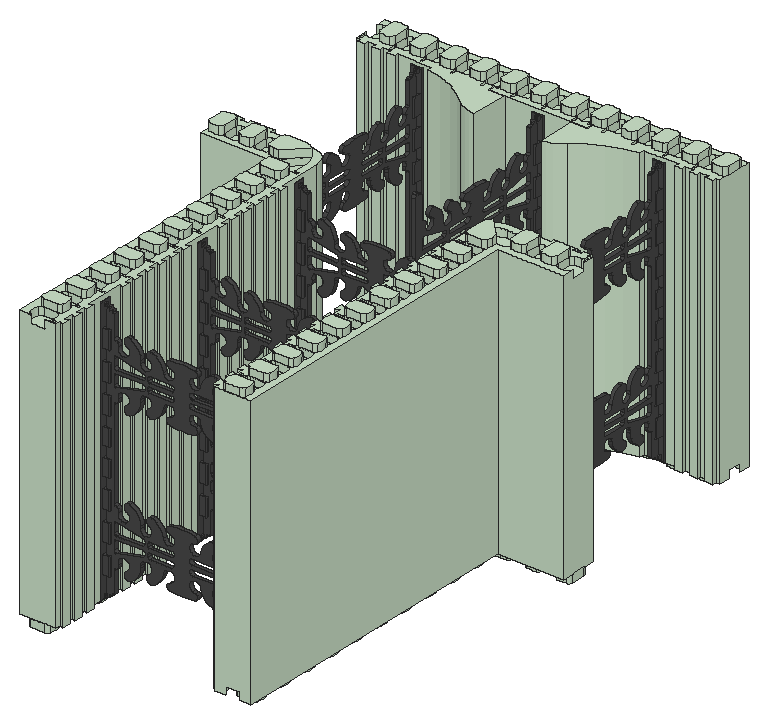
Revit family "ICF- NUDURA 10-inch- Long T Form Unit- Imperial", category Generic Models, Revit 2010 (continued)
Definition of nested family "NUDURA Diamond Pattern"
  Lines and regions (in)
    model lines
      curve 29: line (3.44206, -5.625, 15.57322) -> (3.81706, -5.625, 15.19822)
      curve 30: arc (3.81706, -5.625, 15.19822) -> (3.99384, -5.625, 15.125) -> (4.17062, -5.625, 15.19822) r 0.25
      curve 31: line (4.17062, -5.625, 15.19822) -> (4.54562, -5.625, 15.57322)
      curve 32: arc (4.54562, -5.625, 15.57322) -> (4.61884, -5.625, 15.75) -> (4.54562, -5.625, 15.92678) r 0.25
      curve 33: line (4.54562, -5.625, 15.92678) -> (4.17062, -5.625, 16.30178)
      curve 34: arc (3.69709, -5.625, 14.85858) -> (3.75567, -5.625, 15) -> (3.69709, -5.625, 15.14142) r 0.2
      curve 35: line (4.634, -5.625, 14.51517) -> (4.29059, -5.625, 14.85858)
      curve 36: arc (4.634, -5.625, 13.98484) -> (4.74384, -5.625, 14.25) -> (4.634, -5.625, 14.51517) r 0.375
      curve 37: line (4.29059, -5.625, 13.64142) -> (4.634, -5.625, 13.98484)
      curve 38: line (3.35367, -5.625, 13.98484) -> (3.69709, -5.625, 13.64142)
      curve 39: arc (3.35367, -5.625, 14.51517) -> (3.24384, -5.625, 14.25) -> (3.35367, -5.625, 13.98484) r 0.375
      curve 40: line (3.69709, -5.625, 14.85858) -> (3.35367, -5.625, 14.51517)
      curve 41: arc (4.17062, -5.625, 14.80178) -> (3.99384, -5.625, 14.875) -> (3.81706, -5.625, 14.80178) r 0.25
      curve 42: line (3.81706, -5.625, 14.80178) -> (3.44206, -5.625, 14.42678)
      curve 43: arc (3.44206, -5.625, 14.42678) -> (3.36884, -5.625, 14.25) -> (3.44206, -5.625, 14.07322) r 0.25
      curve 44: line (3.44206, -5.625, 14.07322) -> (3.81706, -5.625, 13.69822)
      curve 45: arc (3.81706, -5.625, 13.69822) -> (3.99384, -5.625, 13.625) -> (4.17062, -5.625, 13.69822) r 0.25
      curve 46: line (4.17062, -5.625, 13.69822) -> (4.54562, -5.625, 14.07322)
      curve 47: arc (4.54562, -5.625, 14.07322) -> (4.61884, -5.625, 14.25) -> (4.54562, -5.625, 14.42678) r 0.25
      curve 48: line (4.54562, -5.625, 14.42678) -> (4.17062, -5.625, 14.80178)
      curve 49: arc (3.69709, -5.625, 13.35858) -> (3.75567, -5.625, 13.5) -> (3.69709, -5.625, 13.64142) r 0.2
      curve 50: line (4.634, -5.625, 13.01517) -> (4.29059, -5.625, 13.35858)
      curve 51: arc (4.634, -5.625, 12.48484) -> (4.74384, -5.625, 12.75) -> (4.634, -5.625, 13.01517) r 0.375
      curve 52: line (4.29059, -5.625, 12.14142) -> (4.634, -5.625, 12.48484)
      curve 53: line (3.35367, -5.625, 12.48484) -> (3.69709, -5.625, 12.14142)
      curve 54: arc (3.35367, -5.625, 13.01517) -> (3.24384, -5.625, 12.75) -> (3.35367, -5.625, 12.48484) r 0.375
      curve 55: line (3.69709, -5.625, 13.35858) -> (3.35367, -5.625, 13.01517)
      curve 56: arc (4.17062, -5.625, 13.30178) -> (3.99384, -5.625, 13.375) -> (3.81706, -5.625, 13.30178) r 0.25
      curve 57: line (3.81706, -5.625, 13.30178) -> (3.44206, -5.625, 12.92678)
      curve 58: arc (3.44206, -5.625, 12.92678) -> (3.36884, -5.625, 12.75) -> (3.44206, -5.625, 12.57322) r 0.25
      curve 59: line (3.44206, -5.625, 12.57322) -> (3.81706, -5.625, 12.19822)
      curve 60: arc (3.81706, -5.625, 12.19822) -> (3.99384, -5.625, 12.125) -> (4.17062, -5.625, 12.19822) r 0.25
      curve 61: line (4.17062, -5.625, 12.19822) -> (4.54562, -5.625, 12.57322)
      curve 62: arc (4.54562, -5.625, 12.57322) -> (4.61884, -5.625, 12.75) -> (4.54562, -5.625, 12.92678) r 0.25
      curve 63: line (4.54562, -5.625, 12.92678) -> (4.17062, -5.625, 13.30178)
      curve 64: arc (3.69709, -5.625, 11.85858) -> (3.75567, -5.625, 12) -> (3.69709, -5.625, 12.14142) r 0.2
      curve 65: line (4.634, -5.625, 11.51517) -> (4.29059, -5.625, 11.85858)
      curve 66: arc (4.634, -5.625, 10.98484) -> (4.74384, -5.625, 11.25) -> (4.634, -5.625, 11.51517) r 0.375
      curve 67: line (4.29059, -5.625, 10.64142) -> (4.634, -5.625, 10.98484)
      curve 68: line (3.35367, -5.625, 10.98484) -> (3.69709, -5.625, 10.64142)
      curve 69: arc (3.35367, -5.625, 11.51517) -> (3.24384, -5.625, 11.25) -> (3.35367, -5.625, 10.98484) r 0.375
      curve 70: line (3.69709, -5.625, 11.85858) -> (3.35367, -5.625, 11.51517)
      curve 71: arc (4.17062, -5.625, 11.80178) -> (3.99384, -5.625, 11.875) -> (3.81706, -5.625, 11.80178) r 0.25
      curve 72: line (3.81706, -5.625, 11.80178) -> (3.44206, -5.625, 11.42678)
      curve 73: arc (3.44206, -5.625, 11.42678) -> (3.36884, -5.625, 11.25) -> (3.44206, -5.625, 11.07322) r 0.25
      curve 74: line (3.44206, -5.625, 11.07322) -> (3.81706, -5.625, 10.69822)
      curve 75: arc (3.81706, -5.625, 10.69822) -> (3.99384, -5.625, 10.625) -> (4.17062, -5.625, 10.69822) r 0.25
      curve 76: line (4.17062, -5.625, 10.69822) -> (4.54562, -5.625, 11.07322)
      curve 77: arc (4.54562, -5.625, 11.07322) -> (4.61884, -5.625, 11.25) -> (4.54562, -5.625, 11.42678) r 0.25
      curve 78: line (4.54562, -5.625, 11.42678) -> (4.17062, -5.625, 11.80178)
      curve 79: arc (3.69709, -5.625, 10.35858) -> (3.75567, -5.625, 10.5) -> (3.69709, -5.625, 10.64142) r 0.2
      curve 80: line (4.634, -5.625, 10.01517) -> (4.29059, -5.625, 10.35858)
      curve 81: arc (4.634, -5.625, 9.48484) -> (4.74384, -5.625, 9.75) -> (4.634, -5.625, 10.01517) r 0.375
      curve 82: line (4.29059, -5.625, 9.14142) -> (4.634, -5.625, 9.48484)
      curve 83: line (3.35367, -5.625, 9.48484) -> (3.69709, -5.625, 9.14142)
      curve 84: arc (3.35367, -5.625, 10.01517) -> (3.24384, -5.625, 9.75) -> (3.35367, -5.625, 9.48484) r 0.375
      curve 85: line (3.69709, -5.625, 10.35858) -> (3.35367, -5.625, 10.01517)
      curve 86: arc (4.17062, -5.625, 10.30178) -> (3.99384, -5.625, 10.375) -> (3.81706, -5.625, 10.30178) r 0.25
      curve 87: line (3.81706, -5.625, 10.30178) -> (3.44206, -5.625, 9.92678)
      curve 88: arc (3.44206, -5.625, 9.92678) -> (3.36884, -5.625, 9.75) -> (3.44206, -5.625, 9.57322) r 0.25
      curve 89: line (3.44206, -5.625, 9.57322) -> (3.81706, -5.625, 9.19822)
      curve 90: arc (3.81706, -5.625, 9.19822) -> (3.99384, -5.625, 9.125) -> (4.17062, -5.625, 9.19822) r 0.25
      curve 91: line (4.17062, -5.625, 9.19822) -> (4.54562, -5.625, 9.57322)
      curve 92: arc (4.54562, -5.625, 9.57322) -> (4.61884, -5.625, 9.75) -> (4.54562, -5.625, 9.92678) r 0.25
      curve 93: line (4.54562, -5.625, 9.92678) -> (4.17062, -5.625, 10.30178)
      curve 94: arc (3.69709, -5.625, 8.85858) -> (3.75567, -5.625, 9) -> (3.69709, -5.625, 9.14142) r 0.2
      curve 95: line (4.634, -5.625, 8.51517) -> (4.29059, -5.625, 8.85858)
      curve 96: arc (4.634, -5.625, 7.98484) -> (4.74384, -5.625, 8.25) -> (4.634, -5.625, 8.51517) r 0.375
      curve 97: line (4.29059, -5.625, 7.64142) -> (4.634, -5.625, 7.98484)
      curve 98: line (3.35367, -5.625, 7.98484) -> (3.69709, -5.625, 7.64142)
      curve 99: arc (3.35367, -5.625, 8.51517) -> (3.24384, -5.625, 8.25) -> (3.35367, -5.625, 7.98484) r 0.375
      curve 100: line (3.69709, -5.625, 8.85858) -> (3.35367, -5.625, 8.51517)
      curve 101: arc (4.17062, -5.625, 8.80178) -> (3.99384, -5.625, 8.875) -> (3.81706, -5.625, 8.80178) r 0.25
      curve 102: line (3.81706, -5.625, 8.80178) -> (3.44206, -5.625, 8.42678)
      curve 103: arc (3.44206, -5.625, 8.42678) -> (3.36884, -5.625, 8.25) -> (3.44206, -5.625, 8.07322) r 0.25
      curve 104: line (3.44206, -5.625, 8.07322) -> (3.81706, -5.625, 7.69822)
      curve 105: arc (3.81706, -5.625, 7.69822) -> (3.99384, -5.625, 7.625) -> (4.17062, -5.625, 7.69822) r 0.25
      curve 106: line (4.17062, -5.625, 7.69822) -> (4.54562, -5.625, 8.07322)
      curve 107: arc (4.54562, -5.625, 8.07322) -> (4.61884, -5.625, 8.25) -> (4.54562, -5.625, 8.42678) r 0.25
      curve 108: line (4.54562, -5.625, 8.42678) -> (4.17062, -5.625, 8.80178)
      curve 109: arc (3.69709, -5.625, 7.35858) -> (3.75567, -5.625, 7.5) -> (3.69709, -5.625, 7.64142) r 0.2
      curve 110: line (4.634, -5.625, 7.01517) -> (4.29059, -5.625, 7.35858)
      curve 111: arc (4.634, -5.625, 6.48484) -> (4.74384, -5.625, 6.75) -> (4.634, -5.625, 7.01517) r 0.375
      curve 112: line (4.29059, -5.625, 6.14142) -> (4.634, -5.625, 6.48484)
      curve 113: line (3.35367, -5.625, 6.48484) -> (3.69709, -5.625, 6.14142)
      curve 114: arc (3.35367, -5.625, 7.01517) -> (3.24384, -5.625, 6.75) -> (3.35367, -5.625, 6.48484) r 0.375
      curve 115: line (3.69709, -5.625, 7.35858) -> (3.35367, -5.625, 7.01517)
      curve 116: arc (4.17062, -5.625, 7.30178) -> (3.99384, -5.625, 7.375) -> (3.81706, -5.625, 7.30178) r 0.25
      curve 117: line (3.81706, -5.625, 7.30178) -> (3.44206, -5.625, 6.92678)
      curve 118: arc (3.44206, -5.625, 6.92678) -> (3.36884, -5.625, 6.75) -> (3.44206, -5.625, 6.57322) r 0.25
      curve 119: line (3.44206, -5.625, 6.57322) -> (3.81706, -5.625, 6.19822)
      curve 120: arc (3.81706, -5.625, 6.19822) -> (3.99384, -5.625, 6.125) -> (4.17062, -5.625, 6.19822) r 0.25
      curve 121: line (4.17062, -5.625, 6.19822) -> (4.54562, -5.625, 6.57322)
      curve 122: arc (4.54562, -5.625, 6.57322) -> (4.61884, -5.625, 6.75) -> (4.54562, -5.625, 6.92678) r 0.25
      curve 123: line (4.54562, -5.625, 6.92678) -> (4.17062, -5.625, 7.30178)
      curve 124: arc (3.69709, -5.625, 5.85858) -> (3.75567, -5.625, 6) -> (3.69709, -5.625, 6.14142) r 0.2
      curve 125: line (4.634, -5.625, 5.51517) -> (4.29059, -5.625, 5.85858)
      curve 126: arc (4.634, -5.625, 4.98484) -> (4.74384, -5.625, 5.25) -> (4.634, -5.625, 5.51517) r 0.375
      curve 127: line (4.29059, -5.625, 4.64142) -> (4.634, -5.625, 4.98484)
      curve 128: line (3.35367, -5.625, 4.98484) -> (3.69709, -5.625, 4.64142)
      curve 129: arc (3.35367, -5.625, 5.51517) -> (3.24384, -5.625, 5.25) -> (3.35367, -5.625, 4.98484) r 0.375
      curve 130: line (3.69709, -5.625, 5.85858) -> (3.35367, -5.625, 5.51517)
      curve 131: arc (4.17062, -5.625, 5.80178) -> (3.99384, -5.625, 5.875) -> (3.81706, -5.625, 5.80178) r 0.25
      curve 132: line (3.81706, -5.625, 5.80178) -> (3.44206, -5.625, 5.42678)
      curve 133: arc (3.44206, -5.625, 5.42678) -> (3.36884, -5.625, 5.25) -> (3.44206, -5.625, 5.07322) r 0.25
      curve 134: line (3.44206, -5.625, 5.07322) -> (3.81706, -5.625, 4.69822)
      curve 135: arc (3.81706, -5.625, 4.69822) -> (3.99384, -5.625, 4.625) -> (4.17062, -5.625, 4.69822) r 0.25
      curve 136: line (4.17062, -5.625, 4.69822) -> (4.54562, -5.625, 5.07322)
      curve 137: arc (4.54562, -5.625, 5.07322) -> (4.61884, -5.625, 5.25) -> (4.54562, -5.625, 5.42678) r 0.25
      curve 138: line (4.54562, -5.625, 5.42678) -> (4.17062, -5.625, 5.80178)
      curve 139: arc (3.69709, -5.625, 4.35858) -> (3.75567, -5.625, 4.5) -> (3.69709, -5.625, 4.64142) r 0.2
      curve 140: line (4.634, -5.625, 4.01517) -> (4.29059, -5.625, 4.35858)
      curve 141: arc (4.634, -5.625, 3.48484) -> (4.74384, -5.625, 3.75) -> (4.634, -5.625, 4.01517) r 0.375
      curve 142: line (4.29059, -5.625, 3.14142) -> (4.634, -5.625, 3.48484)
      curve 143: line (3.35367, -5.625, 3.48484) -> (3.69709, -5.625, 3.14142)
      curve 144: arc (3.35367, -5.625, 4.01517) -> (3.24384, -5.625, 3.75) -> (3.35367, -5.625, 3.48484) r 0.375
      curve 145: line (3.69709, -5.625, 4.35858) -> (3.35367, -5.625, 4.01517)
      curve 146: arc (4.17062, -5.625, 4.30178) -> (3.99384, -5.625, 4.375) -> (3.81706, -5.625, 4.30178) r 0.25
      curve 147: line (3.81706, -5.625, 4.30178) -> (3.44206, -5.625, 3.92678)
      curve 148: arc (3.44206, -5.625, 3.92678) -> (3.36884, -5.625, 3.75) -> (3.44206, -5.625, 3.57322) r 0.25
      curve 149: line (3.44206, -5.625, 3.57322) -> (3.81706, -5.625, 3.19822)
      curve 150: arc (3.81706, -5.625, 3.19822) -> (3.99384, -5.625, 3.125) -> (4.17062, -5.625, 3.19822) r 0.25
      curve 151: line (4.17062, -5.625, 3.19822) -> (4.54562, -5.625, 3.57322)
      curve 152: arc (4.54562, -5.625, 3.57322) -> (4.61884, -5.625, 3.75) -> (4.54562, -5.625, 3.92678) r 0.25
      curve 153: line (4.54562, -5.625, 3.92678) -> (4.17062, -5.625, 4.30178)
      curve 154: arc (3.69709, -5.625, 2.85858) -> (3.75567, -5.625, 3) -> (3.69709, -5.625, 3.14142) r 0.2
      curve 155: line (4.634, -5.625, 2.51517) -> (4.29059, -5.625, 2.85858)
      curve 156: arc (4.634, -5.625, 1.98484) -> (4.74384, -5.625, 2.25) -> (4.634, -5.625, 2.51517) r 0.375
      curve 157: line (4.29059, -5.625, 1.64142) -> (4.634, -5.625, 1.98484)
      curve 158: line (3.35367, -5.625, 1.98484) -> (3.69709, -5.625, 1.64142)
      curve 159: arc (3.35367, -5.625, 2.51517) -> (3.24384, -5.625, 2.25) -> (3.35367, -5.625, 1.98484) r 0.375
      curve 160: line (3.69709, -5.625, 2.85858) -> (3.35367, -5.625, 2.51517)
      curve 161: arc (4.17062, -5.625, 2.80178) -> (3.99384, -5.625, 2.875) -> (3.81706, -5.625, 2.80178) r 0.25
      curve 162: line (3.81706, -5.625, 2.80178) -> (3.44206, -5.625, 2.42678)
      curve 163: arc (3.44206, -5.625, 2.42678) -> (3.36884, -5.625, 2.25) -> (3.44206, -5.625, 2.07322) r 0.25
      curve 164: line (3.44206, -5.625, 2.07322) -> (3.81706, -5.625, 1.69822)
      curve 165: arc (3.81706, -5.625, 1.69822) -> (3.99384, -5.625, 1.625) -> (4.17062, -5.625, 1.69822) r 0.25
      curve 166: line (4.17062, -5.625, 1.69822) -> (4.54562, -5.625, 2.07322)
      curve 167: arc (4.54562, -5.625, 2.07322) -> (4.61884, -5.625, 2.25) -> (4.54562, -5.625, 2.42678) r 0.25
      curve 168: line (4.54562, -5.625, 2.42678) -> (4.17062, -5.625, 2.80178)
      curve 169: arc (3.69709, -5.625, 1.35858) -> (3.75567, -5.625, 1.5) -> (3.69709, -5.625, 1.64142) r 0.2
      curve 170: line (3.69709, -5.625, 1.35858) -> (3.35367, -5.625, 1.01517)
      curve 171: arc (3.35367, -5.625, 1.01517) -> (3.24384, -5.625, 0.75) -> (3.35367, -5.625, 0.48484) r 0.375
      curve 172: line (3.35367, -5.625, 0.48484) -> (3.72867, -5.625, 0.10984)
      curve 173: arc (3.72867, -5.625, 0.10984) -> (3.99384, -5.625, 0) -> (4.259, -5.625, 0.10984) r 0.375
      curve 174: line (4.259, -5.625, 0.10984) -> (4.634, -5.625, 0.48484)
      curve 175: arc (4.634, -5.625, 0.48484) -> (4.74384, -5.625, 0.75) -> (4.634, -5.625, 1.01517) r 0.375
      curve 176: line (4.634, -5.625, 1.01517) -> (4.29059, -5.625, 1.35858)
      curve 177: arc (4.29059, -5.625, 1.64142) -> (4.23201, -5.625, 1.5) -> (4.29059, -5.625, 1.35858) r 0.2
      curve 178: arc (4.17062, -5.625, 1.30178) -> (3.99384, -5.625, 1.375) -> (3.81706, -5.625, 1.30178) r 0.25
      curve 179: line (4.54562, -5.625, 0.92678) -> (4.17062, -5.625, 1.30178)
      curve 180: arc (4.54562, -5.625, 0.57322) -> (4.61884, -5.625, 0.75) -> (4.54562, -5.625, 0.92678) r 0.25
      curve 181: line (4.17062, -5.625, 0.19822) -> (4.54562, -5.625, 0.57322)
      curve 182: arc (3.81706, -5.625, 0.19822) -> (3.99384, -5.625, 0.125) -> (4.17062, -5.625, 0.19822) r 0.25
      curve 183: line (3.44206, -5.625, 0.57322) -> (3.81706, -5.625, 0.19822)
      curve 184: arc (3.44206, -5.625, 0.92678) -> (3.36884, -5.625, 0.75) -> (3.44206, -5.625, 0.57322) r 0.25
      curve 185: line (3.81706, -5.625, 1.30178) -> (3.44206, -5.625, 0.92678)
      curve 186: arc (4.29059, -5.625, 3.14142) -> (4.23201, -5.625, 3) -> (4.29059, -5.625, 2.85858) r 0.2
      curve 187: arc (4.29059, -5.625, 4.64142) -> (4.23201, -5.625, 4.5) -> (4.29059, -5.625, 4.35858) r 0.2
      curve 188: arc (4.29059, -5.625, 6.14142) -> (4.23201, -5.625, 6) -> (4.29059, -5.625, 5.85858) r 0.2
      curve 189: arc (4.29059, -5.625, 7.64142) -> (4.23201, -5.625, 7.5) -> (4.29059, -5.625, 7.35858) r 0.2
      curve 190: arc (4.29059, -5.625, 9.14142) -> (4.23201, -5.625, 9) -> (4.29059, -5.625, 8.85858) r 0.2
      curve 191: arc (4.29059, -5.625, 10.64142) -> (4.23201, -5.625, 10.5) -> (4.29059, -5.625, 10.35858) r 0.2
      curve 192: arc (4.29059, -5.625, 12.14142) -> (4.23201, -5.625, 12) -> (4.29059, -5.625, 11.85858) r 0.2
      curve 193: arc (4.29059, -5.625, 13.64142) -> (4.23201, -5.625, 13.5) -> (4.29059, -5.625, 13.35858) r 0.2
      curve 194: arc (4.29059, -5.625, 15.14142) -> (4.23201, -5.625, 15) -> (4.29059, -5.625, 14.85858) r 0.2
      curve 195: arc (4.29059, -5.625, 16.64142) -> (4.23201, -5.625, 16.5) -> (4.29059, -5.625, 16.35858) r 0.2
Definition of nested family "NUDURA Logo Diamond"
  Reference planes (in)
    plane 1 "Center (Front/Back)": y = 0
    plane 2: z = 0
    plane 3 "Center (Left/Right)": x = 0
  Lines and regions (in)
    model lines
      curve 1: line (12.59848, 0, 17.50104) -> (12.24492, 0, 17.85459)
      curve 2: line (12.36113, 0, 16.76872) -> (12.59848, 0, 17.00607)
      curve 3: line (12.59848, 0, 16.00104) -> (12.36113, 0, 16.23839)
      curve 4: line (12.36113, 0, 15.26872) -> (12.59848, 0, 15.50607)
      curve 5: line (12.59848, 0, 14.50104) -> (12.36113, 0, 14.73839)
      curve 6: line (12.36113, 0, 13.76872) -> (12.59848, 0, 14.00607)
      curve 7: line (12.17421, 0, 13.28388) -> (12.71208, 0, 12.74602)
      curve 8: line (12.71208, 0, 12.74602) -> (12.78279, 0, 12.81673)
      curve 9: line (11.28279, 0, 12.74602) -> (11.82066, 0, 13.28388)
      curve 10: line (11.63374, 0, 13.23839) -> (11.21208, 0, 12.81673)
      curve 11: line (11.3964, 0, 14.00607) -> (11.63374, 0, 13.76872)
      curve 12: line (11.63374, 0, 14.73839) -> (11.3964, 0, 14.50104)
      curve 13: line (11.3964, 0, 15.50607) -> (11.63374, 0, 15.26872)
      curve 14: line (11.63374, 0, 16.23839) -> (11.3964, 0, 16.00104)
      curve 15: line (11.3964, 0, 17.00607) -> (11.63374, 0, 16.76872)
      curve 16: line (11.74995, 0, 17.85459) -> (11.3964, 0, 17.50104)
      curve 17: line (11.82066, 0, 17.78388) -> (11.46711, 0, 17.43033)
      curve 18: line (12.52777, 0, 17.43033) -> (12.17421, 0, 17.78388)
      curve 19: line (12.17421, 0, 16.72322) -> (12.52777, 0, 17.07678)
      curve 20: line (11.46711, 0, 17.07678) -> (11.82066, 0, 16.72322)
      curve 21: arc (11.3964, 0, 17.50104) -> (11.29388, 0, 17.25355) -> (11.3964, 0, 17.00607) r 0.35
      curve 22: arc (11.74995, 0, 17.85459) -> (11.99744, 0, 17.95711) -> (12.24492, 0, 17.85459) r 0.35
      curve 23: arc (11.46711, 0, 17.43033) -> (11.39388, 0, 17.25355) -> (11.46711, 0, 17.07678) r 0.25
      curve 24: arc (12.52777, 0, 17.43033) -> (12.60099, 0, 17.25355) -> (12.52777, 0, 17.07678) r 0.25
      curve 25: arc (12.17421, 0, 16.72322) -> (11.99744, 0, 16.65) -> (11.82066, 0, 16.72322) r 0.25
      curve 26: arc (11.82066, 0, 17.78388) -> (11.99744, 0, 17.85711) -> (12.17421, 0, 17.78388) r 0.25
      curve 27: arc (12.59848, 0, 17.50104) -> (12.70099, 0, 17.25355) -> (12.59848, 0, 17.00607) r 0.35
      curve 28: arc (11.63374, 0, 16.76872) -> (11.74358, 0, 16.50355) -> (11.63374, 0, 16.23839) r 0.375
      curve 29: arc (12.36113, 0, 16.76872) -> (12.2513, 0, 16.50355) -> (12.36113, 0, 16.23839) r 0.375
      curve 30: line (12.36113, 0, 15.26872) -> (12.59848, 0, 15.50607)
      curve 31: line (11.3964, 0, 15.50607) -> (11.63374, 0, 15.26872)
      curve 32: line (11.82066, 0, 16.28388) -> (11.46711, 0, 15.93033)
      curve 33: line (12.52777, 0, 15.93033) -> (12.17421, 0, 16.28388)
      curve 34: line (12.17421, 0, 15.22322) -> (12.52777, 0, 15.57678)
      curve 35: line (11.46711, 0, 15.57678) -> (11.82066, 0, 15.22322)
      curve 36: arc (11.3964, 0, 16.00104) -> (11.29388, 0, 15.75355) -> (11.3964, 0, 15.50607) r 0.35
      curve 37: arc (11.46711, 0, 15.93033) -> (11.39388, 0, 15.75355) -> (11.46711, 0, 15.57678) r 0.25
      curve 38: arc (12.52777, 0, 15.93033) -> (12.60099, 0, 15.75355) -> (12.52777, 0, 15.57678) r 0.25
      curve 39: arc (12.17421, 0, 15.22322) -> (11.99744, 0, 15.15) -> (11.82066, 0, 15.22322) r 0.25
      curve 40: arc (11.82066, 0, 16.28388) -> (11.99744, 0, 16.35711) -> (12.17421, 0, 16.28388) r 0.25
      curve 41: arc (12.59848, 0, 16.00104) -> (12.70099, 0, 15.75355) -> (12.59848, 0, 15.50607) r 0.35
      curve 42: line (11.63374, 0, 16.23839) -> (11.3964, 0, 16.00104)
      curve 43: line (12.59848, 0, 16.00104) -> (12.36113, 0, 16.23839)
      curve 44: arc (11.63374, 0, 15.26872) -> (11.74358, 0, 15.00355) -> (11.63374, 0, 14.73839) r 0.375
      curve 45: arc (12.36113, 0, 15.26872) -> (12.2513, 0, 15.00355) -> (12.36113, 0, 14.73839) r 0.375
      curve 46: line (12.36113, 0, 13.76872) -> (12.59848, 0, 14.00607)
      curve 47: line (11.3964, 0, 14.00607) -> (11.63374, 0, 13.76872)
      curve 48: line (11.82066, 0, 14.78388) -> (11.46711, 0, 14.43033)
      curve 49: line (12.52777, 0, 14.43033) -> (12.17421, 0, 14.78388)
      curve 50: line (12.17421, 0, 13.72322) -> (12.52777, 0, 14.07678)
      curve 51: line (11.46711, 0, 14.07678) -> (11.82066, 0, 13.72322)
      curve 52: arc (11.3964, 0, 14.50104) -> (11.29388, 0, 14.25355) -> (11.3964, 0, 14.00607) r 0.35
      curve 53: arc (11.46711, 0, 14.43033) -> (11.39388, 0, 14.25355) -> (11.46711, 0, 14.07678) r 0.25
      curve 54: arc (12.52777, 0, 14.43033) -> (12.60099, 0, 14.25355) -> (12.52777, 0, 14.07678) r 0.25
      curve 55: arc (12.17421, 0, 13.72322) -> (11.99744, 0, 13.65) -> (11.82066, 0, 13.72322) r 0.25
      curve 56: arc (11.82066, 0, 14.78388) -> (11.99744, 0, 14.85711) -> (12.17421, 0, 14.78388) r 0.25
      curve 57: arc (12.59848, 0, 14.50104) -> (12.70099, 0, 14.25355) -> (12.59848, 0, 14.00607) r 0.35
      curve 58: line (11.63374, 0, 14.73839) -> (11.3964, 0, 14.50104)
      curve 59: arc (11.63374, 0, 13.76872) -> (11.74358, 0, 13.50355) -> (11.63374, 0, 13.23839) r 0.375
      curve 60: arc (12.36113, 0, 13.76872) -> (12.2513, 0, 13.50355) -> (12.36113, 0, 13.23839) r 0.375
      curve 61: line (12.78279, 0, 12.81673) -> (12.36113, 0, 13.23839)
      curve 62: line (11.21208, 0, 12.81673) -> (11.28279, 0, 12.74602)
      curve 63: arc (11.82066, 0, 13.28388) -> (11.99744, 0, 13.35711) -> (12.17421, 0, 13.28388) r 0.25
      curve 64: line (12.59848, 0, 0.50607) -> (12.24492, 0, 0.15251)
      curve 65: line (12.36113, 0, 1.23839) -> (12.59848, 0, 1.00104)
      curve 66: line (12.59848, 0, 2.00607) -> (12.36113, 0, 1.76872)
      curve 67: line (12.36113, 0, 2.73839) -> (12.59848, 0, 2.50104)
      curve 68: line (12.59848, 0, 3.50607) -> (12.36113, 0, 3.26872)
      curve 69: line (12.36113, 0, 4.23839) -> (12.59848, 0, 4.00104)
      curve 70: line (12.17421, 0, 4.72322) -> (12.71208, 0, 5.26109)
      curve 71: line (12.71208, 0, 5.26109) -> (12.78279, 0, 5.19038)
      curve 72: line (11.28279, 0, 5.26109) -> (11.82066, 0, 4.72322)
      curve 73: line (11.63374, 0, 4.76872) -> (11.21208, 0, 5.19038)
      curve 74: line (11.3964, 0, 4.00104) -> (11.63374, 0, 4.23839)
      curve 75: line (11.63374, 0, 3.26872) -> (11.3964, 0, 3.50607)
      curve 76: line (11.3964, 0, 2.50104) -> (11.63374, 0, 2.73839)
      curve 77: line (11.63374, 0, 1.76872) -> (11.3964, 0, 2.00607)
      curve 78: line (11.3964, 0, 1.00104) -> (11.63374, 0, 1.23839)
      curve 79: line (11.74995, 0, 0.15251) -> (11.3964, 0, 0.50607)
      curve 80: line (11.82066, 0, 0.22322) -> (11.46711, 0, 0.57678)
      curve 81: line (12.52777, 0, 0.57678) -> (12.17421, 0, 0.22322)
      curve 82: line (12.17421, 0, 1.28388) -> (12.52777, 0, 0.93033)
      curve 83: line (11.46711, 0, 0.93033) -> (11.82066, 0, 1.28388)
      curve 84: arc (11.3964, 0, 0.50607) -> (11.29388, 0, 0.75355) -> (11.3964, 0, 1.00104) r 0.35
      curve 85: arc (11.74995, 0, 0.15251) -> (11.99744, 0, 0.05) -> (12.24492, 0, 0.15251) r 0.35
      curve 86: arc (11.46711, 0, 0.57678) -> (11.39388, 0, 0.75355) -> (11.46711, 0, 0.93033) r 0.25
      curve 87: arc (12.52777, 0, 0.57678) -> (12.60099, 0, 0.75355) -> (12.52777, 0, 0.93033) r 0.25
      curve 88: arc (12.17421, 0, 1.28388) -> (11.99744, 0, 1.35711) -> (11.82066, 0, 1.28388) r 0.25
      curve 89: arc (11.82066, 0, 0.22322) -> (11.99744, 0, 0.15) -> (12.17421, 0, 0.22322) r 0.25
      curve 90: arc (12.59848, 0, 0.50607) -> (12.70099, 0, 0.75355) -> (12.59848, 0, 1.00104) r 0.35
      curve 91: arc (11.63374, 0, 1.23839) -> (11.74358, 0, 1.50355) -> (11.63374, 0, 1.76872) r 0.375
      curve 92: arc (12.36113, 0, 1.23839) -> (12.2513, 0, 1.50355) -> (12.36113, 0, 1.76872) r 0.375
      curve 93: line (12.36113, 0, 2.73839) -> (12.59848, 0, 2.50104)
      curve 94: line (11.3964, 0, 2.50104) -> (11.63374, 0, 2.73839)
      curve 95: line (11.82066, 0, 1.72322) -> (11.46711, 0, 2.07678)
      curve 96: line (12.52777, 0, 2.07678) -> (12.17421, 0, 1.72322)
      curve 97: line (12.17421, 0, 2.78388) -> (12.52777, 0, 2.43033)
      curve 98: line (11.46711, 0, 2.43033) -> (11.82066, 0, 2.78388)
      curve 99: arc (11.3964, 0, 2.00607) -> (11.29388, 0, 2.25355) -> (11.3964, 0, 2.50104) r 0.35
      curve 100: arc (11.46711, 0, 2.07678) -> (11.39388, 0, 2.25355) -> (11.46711, 0, 2.43033) r 0.25
      curve 101: arc (12.52777, 0, 2.07678) -> (12.60099, 0, 2.25355) -> (12.52777, 0, 2.43033) r 0.25
      curve 102: arc (12.17421, 0, 2.78388) -> (11.99744, 0, 2.85711) -> (11.82066, 0, 2.78388) r 0.25
      curve 103: arc (11.82066, 0, 1.72322) -> (11.99744, 0, 1.65) -> (12.17421, 0, 1.72322) r 0.25
      curve 104: arc (12.59848, 0, 2.00607) -> (12.70099, 0, 2.25355) -> (12.59848, 0, 2.50104) r 0.35
      curve 105: line (11.63374, 0, 1.76872) -> (11.3964, 0, 2.00607)
      curve 106: line (12.59848, 0, 2.00607) -> (12.36113, 0, 1.76872)
      curve 107: arc (11.63374, 0, 2.73839) -> (11.74358, 0, 3.00355) -> (11.63374, 0, 3.26872) r 0.375
      curve 108: arc (12.36113, 0, 2.73839) -> (12.2513, 0, 3.00355) -> (12.36113, 0, 3.26872) r 0.375
      curve 109: line (12.36113, 0, 4.23839) -> (12.59848, 0, 4.00104)
      curve 110: line (11.3964, 0, 4.00104) -> (11.63374, 0, 4.23839)
      curve 111: line (11.82066, 0, 3.22322) -> (11.46711, 0, 3.57678)
      curve 112: line (12.52777, 0, 3.57678) -> (12.17421, 0, 3.22322)
      curve 113: line (12.17421, 0, 4.28388) -> (12.52777, 0, 3.93033)
      curve 114: line (11.46711, 0, 3.93033) -> (11.82066, 0, 4.28388)
      curve 115: arc (11.3964, 0, 3.50607) -> (11.29388, 0, 3.75355) -> (11.3964, 0, 4.00104) r 0.35
      curve 116: arc (11.46711, 0, 3.57678) -> (11.39388, 0, 3.75355) -> (11.46711, 0, 3.93033) r 0.25
      curve 117: arc (12.52777, 0, 3.57678) -> (12.60099, 0, 3.75355) -> (12.52777, 0, 3.93033) r 0.25
      curve 118: arc (12.17421, 0, 4.28388) -> (11.99744, 0, 4.35711) -> (11.82066, 0, 4.28388) r 0.25
      curve 119: arc (11.82066, 0, 3.22322) -> (11.99744, 0, 3.15) -> (12.17421, 0, 3.22322) r 0.25
      curve 120: arc (12.59848, 0, 3.50607) -> (12.70099, 0, 3.75355) -> (12.59848, 0, 4.00104) r 0.35
      curve 121: line (11.63374, 0, 3.26872) -> (11.3964, 0, 3.50607)
      curve 122: arc (11.63374, 0, 4.23839) -> (11.74358, 0, 4.50355) -> (11.63374, 0, 4.76872) r 0.375
      curve 123: arc (12.36113, 0, 4.23839) -> (12.2513, 0, 4.50355) -> (12.36113, 0, 4.76872) r 0.375
      curve 124: line (12.78279, 0, 5.19038) -> (12.36113, 0, 4.76872)
      curve 125: line (11.21208, 0, 5.19038) -> (11.28279, 0, 5.26109)
      curve 126: arc (11.82066, 0, 4.72322) -> (11.99744, 0, 4.65) -> (12.17421, 0, 4.72322) r 0.25
      curve 127: line (12.37244, 0, 12.50355) -> (11.62244, 0, 12.50355)
      curve 128: line (12.74744, 0, 5.87855) -> (12.74744, 0, 12.12855)
      curve 129: line (11.24744, 0, 12.12855) -> (11.24744, 0, 5.87855)
      curve 130: line (11.62244, 0, 5.50355) -> (12.37244, 0, 5.50355)
      curve 131: line (12.47232, 0, 12.00355) -> (12.0393, 0, 12.25355)
      curve 132: line (12.47232, 0, 11.50355) -> (12.47232, 0, 12.00355)
      curve 133: line (12.25581, 0, 11.37855) -> (12.47232, 0, 11.50355)
      curve 134: line (12.02256, 0, 11.51322) -> (12.25581, 0, 11.37855)
      curve 135: line (12.22232, 0, 11.62855) -> (12.02256, 0, 11.51322)
      curve 136: line (11.80605, 0, 12.11888) -> (12.22232, 0, 11.87855)
      curve 137: line (12.22232, 0, 11.87855) -> (12.22232, 0, 11.62855)
      curve 138: line (12.0393, 0, 12.25355) -> (11.80605, 0, 12.11888)
      curve 139: line (11.77256, 0, 11.63822) -> (11.97232, 0, 11.75355)
      curve 140: line (11.97232, 0, 11.75355) -> (11.73906, 0, 11.88822)
      curve 141: line (11.73906, 0, 11.88822) -> (11.52256, 0, 11.76322)
      curve 142: line (11.52256, 0, 11.76322) -> (11.52256, 0, 11.26322)
      curve 143: line (11.77256, 0, 11.38822) -> (11.77256, 0, 11.63822)
      curve 144: line (12.18882, 0, 11.14789) -> (11.77256, 0, 11.38822)
      curve 145: line (11.95557, 0, 11.01322) -> (12.18882, 0, 11.14789)
      curve 146: line (11.52256, 0, 11.26322) -> (11.95557, 0, 11.01322)
      curve 147: line (12.31108, 0, 10.60411) -> (11.68379, 0, 10.74458)
      curve 148: line (11.68379, 0, 10.74458) -> (11.68379, 0, 10.51321)
      curve 149: line (11.68379, 0, 10.51321) -> (12.1295, 0, 10.41405)
      curve 150: line (12.1295, 0, 10.41405) -> (11.68379, 0, 10.27358)
      curve 151: line (11.68379, 0, 10.27358) -> (11.68379, 0, 9.8852)
      curve 152: line (11.68379, 0, 9.8852) -> (12.17077, 0, 9.77615)
      curve 153: line (12.17077, 0, 9.77615) -> (12.17077, 0, 9.74472)
      curve 154: line (12.17077, 0, 9.74472) -> (11.86146, 0, 9.80279)
      curve 155: line (11.68379, 0, 9.65536) -> (11.68379, 0, 9.35864)
      curve 156: line (12.07077, 0, 8.74385) -> (12.07077, 0, 8.99996)
      curve 157: line (12.07077, 0, 8.99996) -> (11.68379, 0, 9.08605)
      curve 158: line (11.68379, 0, 9.08605) -> (11.68379, 0, 8.47809)
      curve 159: line (11.91823, 0, 9.06589) -> (12.31108, 0, 8.97792)
      curve 160: line (11.82444, 0, 8.55476) -> (11.82444, 0, 8.79865)
      curve 161: line (11.82444, 0, 8.79865) -> (12.07077, 0, 8.74385)
      curve 162: line (11.68379, 0, 8.07193) -> (11.68379, 0, 7.77522)
      curve 163: line (11.91823, 0, 7.48247) -> (12.21108, 0, 7.41688)
      curve 164: line (12.21108, 0, 7.41688) -> (12.21108, 0, 6.95405)
      curve 165: line (12.16108, 0, 6.90405) -> (12.12077, 0, 6.90405)
      curve 166: line (12.07077, 0, 6.95405) -> (12.07077, 0, 7.08675)
      curve 167: line (12.07077, 0, 7.08675) -> (12.12077, 0, 7.07556)
      curve 168: line (12.12077, 0, 7.07556) -> (12.12077, 0, 7.33463)
      curve 169: line (12.12077, 0, 7.33463) -> (11.68379, 0, 7.43249)
      curve 170: line (11.68379, 0, 7.43249) -> (11.68379, 0, 7.17341)
      curve 171: line (11.68379, 0, 7.17341) -> (11.97077, 0, 7.10915)
      curve 172: line (11.97077, 0, 7.10915) -> (11.97077, 0, 6.99425)
      curve 173: line (11.92077, 0, 6.94425) -> (11.68379, 0, 6.94425)
      curve 174: line (11.68379, 0, 6.94425) -> (11.68379, 0, 6.45682)
      curve 175: line (11.68379, 0, 6.45682) -> (11.78284, 0, 6.38658)
      curve 176: line (11.78284, 0, 6.38658) -> (11.78284, 0, 6.05178)
      curve 177: line (12.12371, 0, 6.14486) -> (11.88284, 0, 6.31567)
      curve 178: line (11.88284, 0, 6.31567) -> (11.88284, 0, 6.07909)
      curve 179: line (11.88284, 0, 6.07909) -> (12.12371, 0, 6.14486)
      curve 180: line (11.78284, 0, 6.05178) -> (11.68379, 0, 6.02474)
      curve 181: line (11.68379, 0, 6.02474) -> (11.68379, 0, 5.75355)
      curve 182: line (11.68379, 0, 5.75355) -> (12.31108, 0, 5.92483)
      curve 183: line (12.31108, 0, 5.92483) -> (12.31108, 0, 6.28791)
      curve 184: line (12.31108, 0, 6.28791) -> (11.76249, 0, 6.67694)
      curve 185: line (11.76249, 0, 6.67694) -> (11.90321, 0, 6.67694)
      curve 186: line (12.31108, 0, 6.78674) -> (12.31108, 0, 7.63562)
      curve 187: line (12.31108, 0, 7.63562) -> (11.90258, 0, 7.7271)
      curve 188: line (11.82444, 0, 7.82469) -> (11.82444, 0, 7.92839)
      curve 189: line (11.88536, 0, 7.97718) -> (12.31108, 0, 7.88185)
      curve 190: line (12.31108, 0, 7.88185) -> (12.31108, 0, 8.13496)
      curve 191: line (12.31108, 0, 8.13496) -> (12.08042, 0, 8.17826)
      curve 192: line (12.31108, 0, 8.38353) -> (12.31108, 0, 8.9465)
      curve 193: line (12.31108, 0, 8.9465) -> (12.17077, 0, 8.97771)
      curve 194: line (12.17077, 0, 8.97771) -> (12.17077, 0, 8.55476)
      curve 195: line (12.31108, 0, 8.97792) -> (12.31108, 0, 9.21905)
      curve 196: line (12.31108, 0, 9.21905) -> (11.90258, 0, 9.31053)
      curve 197: line (11.82444, 0, 9.40811) -> (11.82444, 0, 9.51182)
      curve 198: line (11.87938, 0, 9.56195) -> (12.31108, 0, 9.46528)
      curve 199: line (12.31108, 0, 9.46528) -> (12.31108, 0, 9.98469)
      curve 200: line (12.31108, 0, 9.98469) -> (11.90664, 0, 10.07526)
      curve 201: line (11.90664, 0, 10.07526) -> (12.31108, 0, 10.20747)
      curve 202: line (12.31108, 0, 10.20747) -> (12.31108, 0, 10.60411)
      curve 203: arc (11.68379, 0, 9.65536) -> (11.73801, 0, 9.7708) -> (11.86146, 0, 9.80279) r 0.15
      curve 204: arc (11.68379, 0, 9.35864) -> (11.74962, 0, 9.17112) -> (11.91823, 0, 9.06589) r 0.3
      curve 205: arc (11.84417, 0, 8.22149) -> (11.72718, 0, 8.32679) -> (11.68379, 0, 8.47809) r 0.28547
      curve 206: arc (11.68379, 0, 8.07193) -> (11.73147, 0, 8.18158) -> (11.84417, 0, 8.22149) r 0.14992
      curve 207: arc (11.68379, 0, 7.77522) -> (11.74962, 0, 7.58769) -> (11.91823, 0, 7.48247) r 0.3
      curve 208: arc (11.82444, 0, 7.82469) -> (11.84638, 0, 7.76218) -> (11.90258, 0, 7.7271) r 0.1
      curve 209: arc (11.82444, 0, 7.92839) -> (11.84318, 0, 7.96742) -> (11.88536, 0, 7.97718) r 0.05
      curve 210: arc (12.12077, 0, 6.90405) -> (12.08541, 0, 6.91869) -> (12.07077, 0, 6.95405) r 0.05
      curve 211: arc (12.16108, 0, 6.90405) -> (12.19644, 0, 6.91869) -> (12.21108, 0, 6.95405) r 0.05
      curve 212: arc (11.97077, 0, 6.99425) -> (11.95612, 0, 6.95889) -> (11.92077, 0, 6.94425) r 0.05
      curve 213: arc (11.90321, 0, 6.67694) -> (11.96756, 0, 6.70069) -> (12.00104, 0, 6.76055) r 0.09904
      curve 214: arc (12.00104, 0, 6.76055) -> (12.1681, 0, 6.63117) -> (12.31108, 0, 6.78674) r 0.15613
      curve 215: arc (12.08042, 0, 8.17826) -> (12.24181, 0, 8.22914) -> (12.31108, 0, 8.38353) r 0.20667
      curve 216: arc (11.82444, 0, 8.55476) -> (11.9976, 0, 8.3816) -> (12.17077, 0, 8.55476) r 0.17317
      curve 217: arc (11.82444, 0, 9.40811) -> (11.84638, 0, 9.34561) -> (11.90258, 0, 9.31053) r 0.1
      curve 218: arc (11.82444, 0, 9.51182) -> (11.8459, 0, 9.55306) -> (11.892, 0, 9.55913) r 0.05034
      curve 219: arc (11.24744, 0, 12.12855) -> (11.35727, 0, 12.39372) -> (11.62244, 0, 12.50355) r 0.375
      curve 220: arc (12.37244, 0, 12.50355) -> (12.6376, 0, 12.39372) -> (12.74744, 0, 12.12855) r 0.375
      curve 221: arc (11.24744, 0, 5.87855) -> (11.35727, 0, 5.61339) -> (11.62244, 0, 5.50355) r 0.375
      curve 222: arc (12.37244, 0, 5.50355) -> (12.6376, 0, 5.61339) -> (12.74744, 0, 5.87855) r 0.375
      curve 223: line (9.99744, 0, 18) -> (9.99744, 0, 0)
      curve 224: line (13.99744, 0, 18) -> (13.99744, 0, 0)
      curve 225: line (15.99744, 0, 18) -> (15.99744, 0, 0)
Definition of nested family "NUDURA Diamond Pattern Missing Two Lines"
  Reference planes (in)
    plane 1 "Center (Front/Back)": y = 0
    plane 2: z = 0
    plane 3 "Center (Left/Right)": x = 0
    plane 4: z = 18
  Lines and regions (in)
    model lines
      curve 1: line (2, -5.625, 18) -> (2, -5.625, 0)
      curve 2: line (3.35367, -5.625, 16.98484) -> (3.69709, -5.625, 16.64142)
      curve 3: arc (3.35367, -5.625, 17.51517) -> (3.24384, -5.625, 17.25) -> (3.35367, -5.625, 16.98484) r 0.375
      curve 4: line (3.72867, -5.625, 17.89017) -> (3.35367, -5.625, 17.51517)
      curve 5: arc (4.259, -5.625, 17.89017) -> (3.99384, -5.625, 18) -> (3.72867, -5.625, 17.89017) r 0.375
      curve 6: line (4.634, -5.625, 17.51517) -> (4.259, -5.625, 17.89017)
      curve 7: arc (4.634, -5.625, 16.98484) -> (4.74384, -5.625, 17.25) -> (4.634, -5.625, 17.51517) r 0.375
      curve 8: line (4.29059, -5.625, 16.64142) -> (4.634, -5.625, 16.98484)
      curve 9: arc (4.17062, -5.625, 17.80178) -> (3.99384, -5.625, 17.875) -> (3.81706, -5.625, 17.80178) r 0.25
      curve 10: line (4.54562, -5.625, 17.42678) -> (4.17062, -5.625, 17.80178)
      curve 11: arc (4.54562, -5.625, 17.07322) -> (4.61884, -5.625, 17.25) -> (4.54562, -5.625, 17.42678) r 0.25
      curve 12: line (4.17062, -5.625, 16.69822) -> (4.54562, -5.625, 17.07322)
      curve 13: arc (3.81706, -5.625, 16.69822) -> (3.99384, -5.625, 16.625) -> (4.17062, -5.625, 16.69822) r 0.25
      curve 14: line (3.44206, -5.625, 17.07322) -> (3.81706, -5.625, 16.69822)
      curve 15: arc (3.44206, -5.625, 17.42678) -> (3.36884, -5.625, 17.25) -> (3.44206, -5.625, 17.07322) r 0.25
      curve 16: line (3.81706, -5.625, 17.80178) -> (3.44206, -5.625, 17.42678)
      curve 17: arc (3.69709, -5.625, 16.35858) -> (3.75567, -5.625, 16.5) -> (3.69709, -5.625, 16.64142) r 0.2
      curve 18: line (4.634, -5.625, 16.01517) -> (4.29059, -5.625, 16.35858)
      curve 19: arc (4.634, -5.625, 15.48484) -> (4.74384, -5.625, 15.75) -> (4.634, -5.625, 16.01517) r 0.375
      curve 20: line (4.29059, -5.625, 15.14142) -> (4.634, -5.625, 15.48484)
      curve 21: line (3.35367, -5.625, 15.48484) -> (3.69709, -5.625, 15.14142)
      curve 22: arc (3.35367, -5.625, 16.01517) -> (3.24384, -5.625, 15.75) -> (3.35367, -5.625, 15.48484) r 0.375
      curve 23: line (3.69709, -5.625, 16.35858) -> (3.35367, -5.625, 16.01517)
      curve 24: arc (4.17062, -5.625, 16.30178) -> (3.99384, -5.625, 16.375) -> (3.81706, -5.625, 16.30178) r 0.25
      curve 25: line (3.81706, -5.625, 16.30178) -> (3.44206, -5.625, 15.92678)
      curve 26: arc (3.44206, -5.625, 15.92678) -> (3.36884, -5.625, 15.75) -> (3.44206, -5.625, 15.57322) r 0.25
      curve 27: line (3.44206, -5.625, 15.57322) -> (3.81706, -5.625, 15.19822)
      curve 28: arc (3.81706, -5.625, 15.19822) -> (3.99384, -5.625, 15.125) -> (4.17062, -5.625, 15.19822) r 0.25
      curve 29: line (4.17062, -5.625, 15.19822) -> (4.54562, -5.625, 15.57322)
      curve 30: arc (4.54562, -5.625, 15.57322) -> (4.61884, -5.625, 15.75) -> (4.54562, -5.625, 15.92678) r 0.25
      curve 31: line (4.54562, -5.625, 15.92678) -> (4.17062, -5.625, 16.30178)
      curve 32: arc (3.69709, -5.625, 14.85858) -> (3.75567, -5.625, 15) -> (3.69709, -5.625, 15.14142) r 0.2
      curve 33: line (4.634, -5.625, 14.51517) -> (4.29059, -5.625, 14.85858)
      curve 34: arc (4.634, -5.625, 13.98484) -> (4.74384, -5.625, 14.25) -> (4.634, -5.625, 14.51517) r 0.375
      curve 35: line (4.29059, -5.625, 13.64142) -> (4.634, -5.625, 13.98484)
      curve 36: line (3.35367, -5.625, 13.98484) -> (3.69709, -5.625, 13.64142)
      curve 37: arc (3.35367, -5.625, 14.51517) -> (3.24384, -5.625, 14.25) -> (3.35367, -5.625, 13.98484) r 0.375
      curve 38: line (3.69709, -5.625, 14.85858) -> (3.35367, -5.625, 14.51517)
      curve 39: arc (4.17062, -5.625, 14.80178) -> (3.99384, -5.625, 14.875) -> (3.81706, -5.625, 14.80178) r 0.25
      curve 40: line (3.81706, -5.625, 14.80178) -> (3.44206, -5.625, 14.42678)
      curve 41: arc (3.44206, -5.625, 14.42678) -> (3.36884, -5.625, 14.25) -> (3.44206, -5.625, 14.07322) r 0.25
      curve 42: line (3.44206, -5.625, 14.07322) -> (3.81706, -5.625, 13.69822)
      curve 43: arc (3.81706, -5.625, 13.69822) -> (3.99384, -5.625, 13.625) -> (4.17062, -5.625, 13.69822) r 0.25
      curve 44: line (4.17062, -5.625, 13.69822) -> (4.54562, -5.625, 14.07322)
      curve 45: arc (4.54562, -5.625, 14.07322) -> (4.61884, -5.625, 14.25) -> (4.54562, -5.625, 14.42678) r 0.25
      curve 46: line (4.54562, -5.625, 14.42678) -> (4.17062, -5.625, 14.80178)
      curve 47: arc (3.69709, -5.625, 13.35858) -> (3.75567, -5.625, 13.5) -> (3.69709, -5.625, 13.64142) r 0.2
      curve 48: line (4.634, -5.625, 13.01517) -> (4.29059, -5.625, 13.35858)
      curve 49: arc (4.634, -5.625, 12.48484) -> (4.74384, -5.625, 12.75) -> (4.634, -5.625, 13.01517) r 0.375
      curve 50: line (4.29059, -5.625, 12.14142) -> (4.634, -5.625, 12.48484)
      curve 51: line (3.35367, -5.625, 12.48484) -> (3.69709, -5.625, 12.14142)
      curve 52: arc (3.35367, -5.625, 13.01517) -> (3.24384, -5.625, 12.75) -> (3.35367, -5.625, 12.48484) r 0.375
      curve 53: line (3.69709, -5.625, 13.35858) -> (3.35367, -5.625, 13.01517)
      curve 54: arc (4.17062, -5.625, 13.30178) -> (3.99384, -5.625, 13.375) -> (3.81706, -5.625, 13.30178) r 0.25
      curve 55: line (3.81706, -5.625, 13.30178) -> (3.44206, -5.625, 12.92678)
      curve 56: arc (3.44206, -5.625, 12.92678) -> (3.36884, -5.625, 12.75) -> (3.44206, -5.625, 12.57322) r 0.25
      curve 57: line (3.44206, -5.625, 12.57322) -> (3.81706, -5.625, 12.19822)
      curve 58: arc (3.81706, -5.625, 12.19822) -> (3.99384, -5.625, 12.125) -> (4.17062, -5.625, 12.19822) r 0.25
      curve 59: line (4.17062, -5.625, 12.19822) -> (4.54562, -5.625, 12.57322)
      curve 60: arc (4.54562, -5.625, 12.57322) -> (4.61884, -5.625, 12.75) -> (4.54562, -5.625, 12.92678) r 0.25
      curve 61: line (4.54562, -5.625, 12.92678) -> (4.17062, -5.625, 13.30178)
      curve 62: arc (3.69709, -5.625, 11.85858) -> (3.75567, -5.625, 12) -> (3.69709, -5.625, 12.14142) r 0.2
      curve 63: line (4.634, -5.625, 11.51517) -> (4.29059, -5.625, 11.85858)
      curve 64: arc (4.634, -5.625, 10.98484) -> (4.74384, -5.625, 11.25) -> (4.634, -5.625, 11.51517) r 0.375
      curve 65: line (4.29059, -5.625, 10.64142) -> (4.634, -5.625, 10.98484)
      curve 66: line (3.35367, -5.625, 10.98484) -> (3.69709, -5.625, 10.64142)
      curve 67: arc (3.35367, -5.625, 11.51517) -> (3.24384, -5.625, 11.25) -> (3.35367, -5.625, 10.98484) r 0.375
      curve 68: line (3.69709, -5.625, 11.85858) -> (3.35367, -5.625, 11.51517)
      curve 69: arc (4.17062, -5.625, 11.80178) -> (3.99384, -5.625, 11.875) -> (3.81706, -5.625, 11.80178) r 0.25
      curve 70: line (3.81706, -5.625, 11.80178) -> (3.44206, -5.625, 11.42678)
      curve 71: arc (3.44206, -5.625, 11.42678) -> (3.36884, -5.625, 11.25) -> (3.44206, -5.625, 11.07322) r 0.25
      curve 72: line (3.44206, -5.625, 11.07322) -> (3.81706, -5.625, 10.69822)
      curve 73: arc (3.81706, -5.625, 10.69822) -> (3.99384, -5.625, 10.625) -> (4.17062, -5.625, 10.69822) r 0.25
      curve 74: line (4.17062, -5.625, 10.69822) -> (4.54562, -5.625, 11.07322)
      curve 75: arc (4.54562, -5.625, 11.07322) -> (4.61884, -5.625, 11.25) -> (4.54562, -5.625, 11.42678) r 0.25
      curve 76: line (4.54562, -5.625, 11.42678) -> (4.17062, -5.625, 11.80178)
      curve 77: arc (3.69709, -5.625, 10.35858) -> (3.75567, -5.625, 10.5) -> (3.69709, -5.625, 10.64142) r 0.2
      curve 78: line (4.634, -5.625, 10.01517) -> (4.29059, -5.625, 10.35858)
      curve 79: arc (4.634, -5.625, 9.48484) -> (4.74384, -5.625, 9.75) -> (4.634, -5.625, 10.01517) r 0.375
      curve 80: line (4.29059, -5.625, 9.14142) -> (4.634, -5.625, 9.48484)
      curve 81: line (3.35367, -5.625, 9.48484) -> (3.69709, -5.625, 9.14142)
      curve 82: arc (3.35367, -5.625, 10.01517) -> (3.24384, -5.625, 9.75) -> (3.35367, -5.625, 9.48484) r 0.375
      curve 83: line (3.69709, -5.625, 10.35858) -> (3.35367, -5.625, 10.01517)
      curve 84: arc (4.17062, -5.625, 10.30178) -> (3.99384, -5.625, 10.375) -> (3.81706, -5.625, 10.30178) r 0.25
      curve 85: line (3.81706, -5.625, 10.30178) -> (3.44206, -5.625, 9.92678)
      curve 86: arc (3.44206, -5.625, 9.92678) -> (3.36884, -5.625, 9.75) -> (3.44206, -5.625, 9.57322) r 0.25
      curve 87: line (3.44206, -5.625, 9.57322) -> (3.81706, -5.625, 9.19822)
      curve 88: arc (3.81706, -5.625, 9.19822) -> (3.99384, -5.625, 9.125) -> (4.17062, -5.625, 9.19822) r 0.25
      curve 89: line (4.17062, -5.625, 9.19822) -> (4.54562, -5.625, 9.57322)
      curve 90: arc (4.54562, -5.625, 9.57322) -> (4.61884, -5.625, 9.75) -> (4.54562, -5.625, 9.92678) r 0.25
      curve 91: line (4.54562, -5.625, 9.92678) -> (4.17062, -5.625, 10.30178)
      curve 92: arc (3.69709, -5.625, 8.85858) -> (3.75567, -5.625, 9) -> (3.69709, -5.625, 9.14142) r 0.2
      curve 93: line (4.634, -5.625, 8.51517) -> (4.29059, -5.625, 8.85858)
      curve 94: arc (4.634, -5.625, 7.98484) -> (4.74384, -5.625, 8.25) -> (4.634, -5.625, 8.51517) r 0.375
      curve 95: line (4.29059, -5.625, 7.64142) -> (4.634, -5.625, 7.98484)
      curve 96: line (3.35367, -5.625, 7.98484) -> (3.69709, -5.625, 7.64142)
      curve 97: arc (3.35367, -5.625, 8.51517) -> (3.24384, -5.625, 8.25) -> (3.35367, -5.625, 7.98484) r 0.375
      curve 98: line (3.69709, -5.625, 8.85858) -> (3.35367, -5.625, 8.51517)
      curve 99: arc (4.17062, -5.625, 8.80178) -> (3.99384, -5.625, 8.875) -> (3.81706, -5.625, 8.80178) r 0.25
      curve 100: line (3.81706, -5.625, 8.80178) -> (3.44206, -5.625, 8.42678)
      curve 101: arc (3.44206, -5.625, 8.42678) -> (3.36884, -5.625, 8.25) -> (3.44206, -5.625, 8.07322) r 0.25
      curve 102: line (3.44206, -5.625, 8.07322) -> (3.81706, -5.625, 7.69822)
      curve 103: arc (3.81706, -5.625, 7.69822) -> (3.99384, -5.625, 7.625) -> (4.17062, -5.625, 7.69822) r 0.25
      curve 104: line (4.17062, -5.625, 7.69822) -> (4.54562, -5.625, 8.07322)
      curve 105: arc (4.54562, -5.625, 8.07322) -> (4.61884, -5.625, 8.25) -> (4.54562, -5.625, 8.42678) r 0.25
      curve 106: line (4.54562, -5.625, 8.42678) -> (4.17062, -5.625, 8.80178)
      curve 107: arc (3.69709, -5.625, 7.35858) -> (3.75567, -5.625, 7.5) -> (3.69709, -5.625, 7.64142) r 0.2
      curve 108: line (4.634, -5.625, 7.01517) -> (4.29059, -5.625, 7.35858)
      curve 109: arc (4.634, -5.625, 6.48484) -> (4.74384, -5.625, 6.75) -> (4.634, -5.625, 7.01517) r 0.375
      curve 110: line (4.29059, -5.625, 6.14142) -> (4.634, -5.625, 6.48484)
      curve 111: line (3.35367, -5.625, 6.48484) -> (3.69709, -5.625, 6.14142)
      curve 112: arc (3.35367, -5.625, 7.01517) -> (3.24384, -5.625, 6.75) -> (3.35367, -5.625, 6.48484) r 0.375
      curve 113: line (3.69709, -5.625, 7.35858) -> (3.35367, -5.625, 7.01517)
      curve 114: arc (4.17062, -5.625, 7.30178) -> (3.99384, -5.625, 7.375) -> (3.81706, -5.625, 7.30178) r 0.25
      curve 115: line (3.81706, -5.625, 7.30178) -> (3.44206, -5.625, 6.92678)
      curve 116: arc (3.44206, -5.625, 6.92678) -> (3.36884, -5.625, 6.75) -> (3.44206, -5.625, 6.57322) r 0.25
      curve 117: line (3.44206, -5.625, 6.57322) -> (3.81706, -5.625, 6.19822)
      curve 118: arc (3.81706, -5.625, 6.19822) -> (3.99384, -5.625, 6.125) -> (4.17062, -5.625, 6.19822) r 0.25
      curve 119: line (4.17062, -5.625, 6.19822) -> (4.54562, -5.625, 6.57322)
      curve 120: arc (4.54562, -5.625, 6.57322) -> (4.61884, -5.625, 6.75) -> (4.54562, -5.625, 6.92678) r 0.25
      curve 121: line (4.54562, -5.625, 6.92678) -> (4.17062, -5.625, 7.30178)
      curve 122: arc (3.69709, -5.625, 5.85858) -> (3.75567, -5.625, 6) -> (3.69709, -5.625, 6.14142) r 0.2
      curve 123: line (4.634, -5.625, 5.51517) -> (4.29059, -5.625, 5.85858)
      curve 124: arc (4.634, -5.625, 4.98484) -> (4.74384, -5.625, 5.25) -> (4.634, -5.625, 5.51517) r 0.375
      curve 125: line (4.29059, -5.625, 4.64142) -> (4.634, -5.625, 4.98484)
      curve 126: line (3.35367, -5.625, 4.98484) -> (3.69709, -5.625, 4.64142)
      curve 127: arc (3.35367, -5.625, 5.51517) -> (3.24384, -5.625, 5.25) -> (3.35367, -5.625, 4.98484) r 0.375
      curve 128: line (3.69709, -5.625, 5.85858) -> (3.35367, -5.625, 5.51517)
      curve 129: arc (4.17062, -5.625, 5.80178) -> (3.99384, -5.625, 5.875) -> (3.81706, -5.625, 5.80178) r 0.25
      curve 130: line (3.81706, -5.625, 5.80178) -> (3.44206, -5.625, 5.42678)
      curve 131: arc (3.44206, -5.625, 5.42678) -> (3.36884, -5.625, 5.25) -> (3.44206, -5.625, 5.07322) r 0.25
      curve 132: line (3.44206, -5.625, 5.07322) -> (3.81706, -5.625, 4.69822)
      curve 133: arc (3.81706, -5.625, 4.69822) -> (3.99384, -5.625, 4.625) -> (4.17062, -5.625, 4.69822) r 0.25
      curve 134: line (4.17062, -5.625, 4.69822) -> (4.54562, -5.625, 5.07322)
      curve 135: arc (4.54562, -5.625, 5.07322) -> (4.61884, -5.625, 5.25) -> (4.54562, -5.625, 5.42678) r 0.25
      curve 136: line (4.54562, -5.625, 5.42678) -> (4.17062, -5.625, 5.80178)
      curve 137: arc (3.69709, -5.625, 4.35858) -> (3.75567, -5.625, 4.5) -> (3.69709, -5.625, 4.64142) r 0.2
      curve 138: line (4.634, -5.625, 4.01517) -> (4.29059, -5.625, 4.35858)
      curve 139: arc (4.634, -5.625, 3.48484) -> (4.74384, -5.625, 3.75) -> (4.634, -5.625, 4.01517) r 0.375
      curve 140: line (4.29059, -5.625, 3.14142) -> (4.634, -5.625, 3.48484)
      curve 141: line (3.35367, -5.625, 3.48484) -> (3.69709, -5.625, 3.14142)
      curve 142: arc (3.35367, -5.625, 4.01517) -> (3.24384, -5.625, 3.75) -> (3.35367, -5.625, 3.48484) r 0.375
      curve 143: line (3.69709, -5.625, 4.35858) -> (3.35367, -5.625, 4.01517)
      curve 144: arc (4.17062, -5.625, 4.30178) -> (3.99384, -5.625, 4.375) -> (3.81706, -5.625, 4.30178) r 0.25
      curve 145: line (3.81706, -5.625, 4.30178) -> (3.44206, -5.625, 3.92678)
      curve 146: arc (3.44206, -5.625, 3.92678) -> (3.36884, -5.625, 3.75) -> (3.44206, -5.625, 3.57322) r 0.25
      curve 147: line (3.44206, -5.625, 3.57322) -> (3.81706, -5.625, 3.19822)
      curve 148: arc (3.81706, -5.625, 3.19822) -> (3.99384, -5.625, 3.125) -> (4.17062, -5.625, 3.19822) r 0.25
      curve 149: line (4.17062, -5.625, 3.19822) -> (4.54562, -5.625, 3.57322)
      curve 150: arc (4.54562, -5.625, 3.57322) -> (4.61884, -5.625, 3.75) -> (4.54562, -5.625, 3.92678) r 0.25
      curve 151: line (4.54562, -5.625, 3.92678) -> (4.17062, -5.625, 4.30178)
      curve 152: arc (3.69709, -5.625, 2.85858) -> (3.75567, -5.625, 3) -> (3.69709, -5.625, 3.14142) r 0.2
      curve 153: line (4.634, -5.625, 2.51517) -> (4.29059, -5.625, 2.85858)
      curve 154: arc (4.634, -5.625, 1.98484) -> (4.74384, -5.625, 2.25) -> (4.634, -5.625, 2.51517) r 0.375
      curve 155: line (4.29059, -5.625, 1.64142) -> (4.634, -5.625, 1.98484)
      curve 156: line (3.35367, -5.625, 1.98484) -> (3.69709, -5.625, 1.64142)
      curve 157: arc (3.35367, -5.625, 2.51517) -> (3.24384, -5.625, 2.25) -> (3.35367, -5.625, 1.98484) r 0.375
      curve 158: line (3.69709, -5.625, 2.85858) -> (3.35367, -5.625, 2.51517)
      curve 159: arc (4.17062, -5.625, 2.80178) -> (3.99384, -5.625, 2.875) -> (3.81706, -5.625, 2.80178) r 0.25
      curve 160: line (3.81706, -5.625, 2.80178) -> (3.44206, -5.625, 2.42678)
      curve 161: arc (3.44206, -5.625, 2.42678) -> (3.36884, -5.625, 2.25) -> (3.44206, -5.625, 2.07322) r 0.25
      curve 162: line (3.44206, -5.625, 2.07322) -> (3.81706, -5.625, 1.69822)
      curve 163: arc (3.81706, -5.625, 1.69822) -> (3.99384, -5.625, 1.625) -> (4.17062, -5.625, 1.69822) r 0.25
      curve 164: line (4.17062, -5.625, 1.69822) -> (4.54562, -5.625, 2.07322)
      curve 165: arc (4.54562, -5.625, 2.07322) -> (4.61884, -5.625, 2.25) -> (4.54562, -5.625, 2.42678) r 0.25
      curve 166: line (4.54562, -5.625, 2.42678) -> (4.17062, -5.625, 2.80178)
      curve 167: arc (3.69709, -5.625, 1.35858) -> (3.75567, -5.625, 1.5) -> (3.69709, -5.625, 1.64142) r 0.2
      curve 168: line (3.69709, -5.625, 1.35858) -> (3.35367, -5.625, 1.01517)
      curve 169: arc (3.35367, -5.625, 1.01517) -> (3.24384, -5.625, 0.75) -> (3.35367, -5.625, 0.48484) r 0.375
      curve 170: line (3.35367, -5.625, 0.48484) -> (3.72867, -5.625, 0.10984)
      curve 171: arc (3.72867, -5.625, 0.10984) -> (3.99384, -5.625, 0) -> (4.259, -5.625, 0.10984) r 0.375
      curve 172: line (4.259, -5.625, 0.10984) -> (4.634, -5.625, 0.48484)
      curve 173: arc (4.634, -5.625, 0.48484) -> (4.74384, -5.625, 0.75) -> (4.634, -5.625, 1.01517) r 0.375
      curve 174: line (4.634, -5.625, 1.01517) -> (4.29059, -5.625, 1.35858)
      curve 175: arc (4.29059, -5.625, 1.64142) -> (4.23201, -5.625, 1.5) -> (4.29059, -5.625, 1.35858) r 0.2
      curve 176: arc (4.17062, -5.625, 1.30178) -> (3.99384, -5.625, 1.375) -> (3.81706, -5.625, 1.30178) r 0.25
      curve 177: line (4.54562, -5.625, 0.92678) -> (4.17062, -5.625, 1.30178)
      curve 178: arc (4.54562, -5.625, 0.57322) -> (4.61884, -5.625, 0.75) -> (4.54562, -5.625, 0.92678) r 0.25
      curve 179: line (4.17062, -5.625, 0.19822) -> (4.54562, -5.625, 0.57322)
      curve 180: arc (3.81706, -5.625, 0.19822) -> (3.99384, -5.625, 0.125) -> (4.17062, -5.625, 0.19822) r 0.25
      curve 181: line (3.44206, -5.625, 0.57322) -> (3.81706, -5.625, 0.19822)
      curve 182: arc (3.44206, -5.625, 0.92678) -> (3.36884, -5.625, 0.75) -> (3.44206, -5.625, 0.57322) r 0.25
      curve 183: line (3.81706, -5.625, 1.30178) -> (3.44206, -5.625, 0.92678)
      curve 184: arc (4.29059, -5.625, 3.14142) -> (4.23201, -5.625, 3) -> (4.29059, -5.625, 2.85858) r 0.2
      curve 185: arc (4.29059, -5.625, 4.64142) -> (4.23201, -5.625, 4.5) -> (4.29059, -5.625, 4.35858) r 0.2
      curve 186: arc (4.29059, -5.625, 6.14142) -> (4.23201, -5.625, 6) -> (4.29059, -5.625, 5.85858) r 0.2
      curve 187: arc (4.29059, -5.625, 7.64142) -> (4.23201, -5.625, 7.5) -> (4.29059, -5.625, 7.35858) r 0.2
      curve 188: arc (4.29059, -5.625, 9.14142) -> (4.23201, -5.625, 9) -> (4.29059, -5.625, 8.85858) r 0.2
